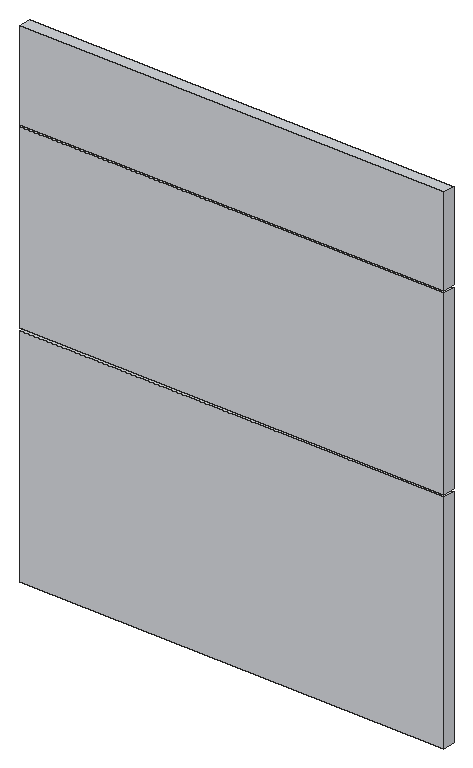
Revit family "Front - 3 Drawers", category Casework, Revit 2019
Family settings
  Work Plane-Based = No
  Always vertical = Yes
  Cut with Voids When Loaded = No
  Shared = No
  Room Calculation Point = No
Parameters (values of type "Front - 3 Drawers")
  Width = 600 mm
  Swing = yes
  Height = 704 mm
  Front Finish = none
  Depth = 16 mm
  Creator Organization [instance] = "© Danish Educational Content"  # constant formula
  Creator Name [instance] = "© Erik Falck Jørgensen"  # constant formula
  Creator Build [instance] = "2018.0420.0"  # constant formula
  Assembly Code = ""
Reference planes
  plane 1 "Front": y = 0
  plane 2: z = 0
  plane 3 "Center (Left/Right)": x = 0
  plane 4: x = -300
  plane 5: x = 300
  plane 6: z = 704
  plane 7: z = 576
  plane 8: z = 320
  plane 9: z = 576
  plane 10: z = 320
Forms (mm)
  Extrusion 1, solid, material <- "Front Finish"
    sketch origin (0, 0, 0) x (1, 0, 0) y (0, 0, 1)
      loop
        line (-297, 701) -> (-297, 3) -> (297, 3) -> (297, 701) -> (-297, 701)
    from 0 to 16 <- "Depth"
  Extrusion 2, void
    sketch origin (0, 0, 0) x (0, 1, 0) y (0, 0, 1)
      loop
        line (0, 577.5) -> (-16, 577.5) -> (-16, 574.5) -> (0, 574.5) -> (0, 577.5)
    from -300 to 300
  Extrusion 3, void
    sketch origin (0, 0, -256) x (0, 1, 0) y (0, 0, 1)
      loop
        line (0, 577.5) -> (-16, 577.5) -> (-16, 574.5) -> (0, 574.5) -> (0, 577.5)
    from -300 to 300
Cuts and joins
  Extrusion 2, Extrusion 3 cuts Extrusion 1
Lines and regions (mm)
  symbolic lines, style "Elevation Swing", visible <- "Swing"
    curve 1: line (-279.787, -35.011, 0) -> (279.787, -35.011, 0)
    curve 2: line (-259.597, -69.981, 0) -> (259.597, -69.981, 0)
    curve 3: line (-239.407, -104.951, 0) -> (239.407, -104.951, 0)
  symbolic lines, style "InvisibleLines"
    curve 4: line (-300, 0, 0) -> (-199.009, -174.921, 0)
    curve 5: line (300, 0, 0) -> (199.009, -174.921, 0)
  reference lines
    curve 6: line (-300, 0, 0) -> (-100, -346.41, 0)
    curve 7: line (300, 0, 0) -> (102.5, -342.08, 0)
Dimensions and locks
  equal spacing: plane 4, plane 3 "Center (Left/Right)", plane 5
  "Width": plane 4 to plane 5
  "Height": plane 6 to plane 2
  locked: Extrusion 1 sketch curve to plane 2 at 3
  locked: plane 6 to Extrusion 1 sketch curve at 3
  locked: Extrusion 1 sketch curve to plane 4 at 3
  locked: plane 5 to Extrusion 1 sketch curve at 3
  plane 6 to plane 7 to plane 8 to plane 2 = 128 mm, 256 mm, 320 mm
  equal spacing: Extrusion 2 sketch curve, plane 9, Extrusion 2 sketch curve
  locked: Extrusion 2 sketch curve to Extrusion 2 sketch curve at 3
  equal spacing: Extrusion 3 sketch curve, plane 10, Extrusion 3 sketch curve
  locked: Extrusion 3 sketch curve to Extrusion 3 sketch curve at 3
  curve 3 to curve 2 to curve 1 to plane 1 "Front" = 34.97 mm locked, 34.97 mm locked, 35.011 mm locked
  locked: plane 4 to curve 6 (angle 30.00°)
  locked: curve 7 to plane 5 (angle 30.00°)
  aligned and locked: level to plane 2
  aligned and locked: Extrusion 2 sketch curve to Extrusion 1  (x2)
  aligned and locked: plane 7 to plane 9
  aligned and locked: plane 8 to plane 10
  aligned and locked: cut or joined group of Extrusion 1, Extrusion 2, Extrusion 3 to plane 4  (x2)
  aligned: cut or joined group of Extrusion 1, Extrusion 2, Extrusion 3 to plane 4  (x2)
  aligned: plane 5 to cut or joined group of Extrusion 1, Extrusion 2, Extrusion 3  (x2)
  aligned and locked: plane 5 to cut or joined group of Extrusion 1, Extrusion 2, Extrusion 3  (x2)
  aligned and locked: curve 7 to curve 5
  aligned and locked: curve 4 to curve 6
Automatic sketch dimensions
  Extrusion 3 sketch curve to plane 1 "Front" = 0 mm
  Extrusion 3 sketch curve to Extrusion 3 sketch curve = 16 mm
  plane 1 "Front" to curve 6 = 0 mm
  curve 6 to plane 4 = 0 mm
  plane 1 "Front" to curve 7 = 0 mm
  curve 7 to plane 5 = 0 mm
  plane 1 "Front" to curve 4 = 0 mm
  plane 1 "Front" to curve 5 = 0 mm
  curve 3 to curve 4 = 40.397 mm
  curve 5 to curve 3 = 40.397 mm
